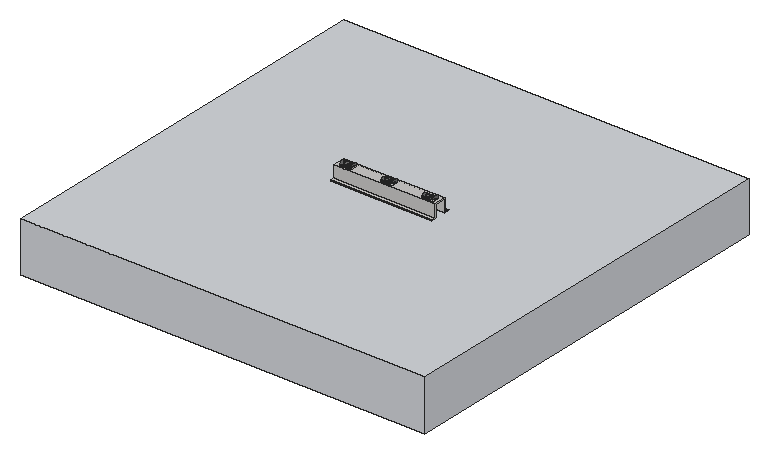
Revit family
Parameters (values of type "B-223 X 24")
  Number of Holders = 3
  Length = 2' - 0"
  URL = "http://www.bobrick.com"
  Type Comments = "Satin Finish"
  Number of Holes = 6
  Mounting Hole Spacing = 0' - 8"
  Model = "B-223"
  Manufacturer = "Bobrick Washroom Equipment, Inc."
  Hole Instances = Number of Holes / 2  # 3
  Holder Spacing = 0' - 9 3/4"
  Finish Material = Stainless Steel-Bobrick-Satin
  Description = "Stainless Steel Mop and Broom Holder"
  Default Elevation = 6' - 0"
  Assembly Code = "C1030200"
Types (3): name | Number of Holders | Length | Mounting Hole Spacing | Holder Spacing
  (no name) | 3 | 2' - 0" | 0' - 8" | 0' - 9 3/4"
  B-223 X 24 | 3 | 2' - 0" | 0' - 8" | 0' - 9 3/4"
  B-223 x 36 | 4 | 3' - 0" | 1' - 2" | 0' - 10 1/2"
Reference planes (in)
  plane 1 "Center (Front/Back)": y = 1.53259
  plane 2: z = 0
  plane 3 "Center (Left/Right)": x = 0
  plane 4: y = 4.03259
  plane 5: y = -0.96741
  plane 6: x = -12
  plane 7: x = 12
  plane 8: x = -8
  plane 9: x = -9.75
  plane 10: z = 3
  plane 11: y = 0.03259
  plane 12: y = 3.03259
  plane 13: z = 0.125
  plane 14: z = 2.875
  plane 15: y = 2.90759
  plane 16: y = 0.15759
  plane 17: y = 3.53259
  plane 18: y = -0.46741
  plane 19: x = 0
  plane 20: x = 0
  plane 21: x = 0
  plane 22: x = -8
  plane 23: x = -14
  plane 24: y = 1.53259
  plane 25: y = 1.53259
  plane 26: x = 0
  plane 27: y = 1.53259
  plane 28: x = 8
  plane 29: y = 1.53259
Forms (in)
  Extrusion 1, solid
    sketch origin (0, 0, 0) x (1, 0, 0) y (0, 1, 0)
      loop
        line (-48, 48) -> (-48, -48) -> (48, -48) -> (48, 48) -> (-48, 48)
    from 0 to -12
  Extrusion 2, solid, material "Stainless Steel-Bobrick-Satin" <- "Finish Material"
    sketch origin (0, 0, 0) x (0, 1, 0) y (0, 0, 1)
      loop
        line (4.03259, 0.125) -> (3.03259, 0.125) -> (3.03259, 3) -> (0.03259, 3) -> (0.03259, 0.125) -> (-0.96741, 0.125) -> (-0.96741, 0) -> (0.15759, 0) -> (0.15759, 2.875) -> (2.90759, 2.875) -> (2.90759, 0) -> (4.03259, 0) -> (4.03259, 0.125)
    from -12 to 12
Lines and regions (in)
  Masking region 1
    outline origin (0, 0, 0) x (1, 0, 0) y (0, 1, 0)
      loop
        line (-12, 4.03259) -> (-12, -0.96741) -> (12, -0.96741) -> (12, 4.03259) -> (-12, 4.03259)
  Masking region 2
    outline origin (6, 0, 0) x (1, 0, 0) y (0, 1, 0)
      loop
        line (-14.40625, 1.9603) -> (-16.84375, 1.9603) -> (-16.84375, 0.5228) -> (-14.40625, 0.5228) -> (-14.40625, 1.9603)
  Masking region 3
    outline origin (15.75, 0, 0) x (1, 0, 0) y (0, 1, 0)
      loop
        line (-14.40625, 1.9603) -> (-16.84375, 1.9603) -> (-16.84375, 0.5228) -> (-14.40625, 0.5228) -> (-14.40625, 1.9603)
  Masking region 4
    outline origin (25.5, 0, 0) x (1, 0, 0) y (0, 1, 0)
      loop
        line (-14.40625, 1.9603) -> (-16.84375, 1.9603) -> (-16.84375, 0.5228) -> (-14.40625, 0.5228) -> (-14.40625, 1.9603)
  Masking region 5
    outline origin (0, 1.53259, 0) x (1, 0, 0) y (0, 0, 1)
      loop
        line (12, 0) -> (12, 3) -> (-12, 3) -> (-12, 0) -> (12, 0)
  Masking region 6
    outline origin (0, 0, 0) x (0, 1, 0) y (0, 0, 1)
      loop
        line (4.03259, 0) -> (4.03259, 0.125) -> (3.03259, 0.125) -> (3.03259, 3) -> (1.9603, 3) -> (1.9603, 3.75) -> (0.5228, 3.75) -> (0.5228, 3) -> (0.03259, 3) -> (0.03259, 0.125) -> (-0.96741, 0.125) -> (-0.96741, 0) -> (0.15759, 0) -> (0.15759, 2.875) -> (2.90759, 2.875) -> (2.90759, 0) -> (4.03259, 0)
  model lines
    curve 1: circle (-8, 3.53259, 0.125) r 0.125 normal (0, 0, 1)
    curve 2: circle (-8, -0.46741, 0.125) r 0.125 normal (0, 0, 1)
    curve 5: circle (0, 3.53259, 0.125) r 0.125 normal (0, 0, 1)
    curve 6: circle (0, -0.46741, 0.125) r 0.125 normal (0, 0, 1)
    curve 7: circle (8, 3.53259, 0.125) r 0.125 normal (0, 0, 1)
    curve 8: circle (8, -0.46741, 0.125) r 0.125 normal (0, 0, 1)
  model lines, not visible
    curve 3: circle (-14, 3.53259, 0.125) r 0.125 normal (0, 0, 1)
    curve 4: circle (-14, -0.46741, 0.125) r 0.125 normal (0, 0, 1)
  symbolic lines
    curve 9: line (12, 3.03259, 0) -> (-12, 3.03259, 0)
    curve 10: line (-12, 0.03259, 0) -> (12, 0.03259, 0)
    curve 11: line (0, 1.9603, 3) -> (0, 0.5228, 3)
Dimensions and locks (in)
  equal spacing: plane 4, plane 1 "Center (Front/Back)", plane 5
  equal spacing: plane 6, plane 3 "Center (Left/Right)", plane 7
  "Length": plane 6 to plane 7
  plane 6 to plane 9 = 0' - 2 1/4"
  locked: plane 13 to level at 0.125
  locked: plane 4 to plane 12 at 1
  locked: plane 11 to plane 5 at 1
  locked: plane 12 to plane 15 at 0.125
  locked: plane 16 to plane 11 at 0.125
  locked: plane 10 to plane 14 at 0.125
  locked: plane 10 to level at 3
  equal spacing: plane 11, plane 18, plane 5
  equal spacing: plane 4, plane 17, plane 12
  "Mounting Hole Spacing": plane 8 to plane 19
  "Holder Spacing": plane 9 to plane 20
  locked: plane 6 to plane 22 at 4
  equal spacing: group 1, group 3, group 4  (x3)
  locked: plane 6 to plane 8 at 4
  equal spacing: group 5, group 6, group 7  (x3)
  equal spacing: group 8, group 9, group 10  (x3)
  Masking region 2 to plane 9 to Masking region 2 = 0' - 1 3/32" locked, 0' - 1 11/32" locked
  Masking region 2 to plane 1 "Center (Front/Back)" to Masking region 2 = 0' - 1.0098" locked, 0' - 0.4277" locked
  Masking region 3 to plane 20 to Masking region 3 = 0' - 1 3/32" locked, 0' - 1 11/32" locked
  Masking region 3 to plane 1 "Center (Front/Back)" to Masking region 3 = 0' - 1.0098" locked, 0' - 0.4277" locked
  locked: plane 4 to plane 5 at 5
  aligned and locked: plane 2 to Extrusion 1
  aligned and locked: level to Extrusion 1
  aligned and locked: plane 9 to nested 1
  aligned and locked: plane 1 "Center (Front/Back)" to nested 1
  aligned and locked: plane 13 to Extrusion 2 sketch curve  (x2)
  aligned and locked: level to Extrusion 2 sketch curve  (x2)
  aligned and locked: plane 4 to Extrusion 2 sketch curve
  aligned and locked: plane 12 to Extrusion 2 sketch curve
  aligned and locked: plane 15 to Extrusion 2 sketch curve
  aligned and locked: plane 10 to Extrusion 2 sketch curve
  aligned and locked: plane 14 to Extrusion 2 sketch curve
  aligned and locked: plane 16 to Extrusion 2 sketch curve
  aligned and locked: plane 11 to Extrusion 2 sketch curve
  aligned and locked: plane 5 to Extrusion 2 sketch curve
  aligned and locked: nested 1 to plane 10
  aligned and locked: Extrusion 2 to plane 6
  aligned and locked: plane 7 to Extrusion 2
  aligned and locked: plane 1 "Center (Front/Back)" to plane 24
  aligned and locked: plane 19 to plane 26
  aligned and locked: plane 1 "Center (Front/Back)" to plane 27
  aligned and locked: plane 8 to plane 22
  aligned and locked: plane 20 to nested 2
  aligned and locked: plane 1 "Center (Front/Back)" to nested 2
  aligned and locked: Masking region 1 sketch curve to plane 4
  aligned and locked: Masking region 1 sketch curve to plane 5
  aligned and locked: Masking region 1 sketch curve to plane 6
  aligned and locked: Masking region 1 sketch curve to plane 7
  aligned and locked: curve 9 to Extrusion 2
  aligned and locked: curve 10 to Extrusion 2
  aligned and locked: plane 7 to Masking region 5 sketch curve
  aligned and locked: plane 10 to Masking region 5 sketch curve
  aligned and locked: plane 6 to Masking region 5 sketch curve
  aligned and locked: level to Masking region 5 sketch curve
  aligned and locked: plane 4 to Masking region 6 sketch curve
  aligned and locked: plane 12 to Masking region 6 sketch curve
  aligned and locked: plane 10 to Masking region 6 sketch curve
  aligned and locked: plane 14 to Masking region 6 sketch curve
  aligned and locked: plane 15 to Masking region 6 sketch curve
  aligned and locked: plane 16 to Masking region 6 sketch curve
  aligned and locked: plane 11 to Masking region 6 sketch curve
  aligned and locked: plane 5 to Masking region 6 sketch curve
  aligned and locked: plane 13 to Masking region 6 sketch curve  (x2)
  aligned and locked: level to Masking region 6 sketch curve  (x2)
  aligned and locked: Masking region 6 sketch curve to nested 2
  aligned and locked: Masking region 6 sketch curve to nested 1  (x2)
  aligned and locked: Masking region 6 to curve 11
  aligned and locked: nested 1 to curve 11
  aligned and locked: nested 2 to plane 10
Automatic sketch dimensions
  Extrusion 1 sketch curve to Extrusion 1 sketch curve = 8' - 0"  (x2)
  Masking region 2 sketch curve to Masking region 2 sketch curve = 0' - 2 7/16"
  Masking region 2 sketch curve to Masking region 2 sketch curve = 0' - 1 7/16"
  Masking region 3 sketch curve to Masking region 3 sketch curve = 0' - 2 7/16"
  Masking region 3 sketch curve to Masking region 3 sketch curve = 0' - 1 7/16"
  Masking region 4 sketch curve to Masking region 4 sketch curve = 0' - 2 7/16"
  Masking region 4 sketch curve to Masking region 4 sketch curve = 0' - 1 7/16"
  curve 9 to plane 6 = 0' - 0"
  curve 10 to plane 6 = 0' - 0"
  curve 10 to plane 7 = 0' - 0"
  curve 9 to plane 7 = 0' - 0"
  plane 11 to curve 10 = 0' - 0"
  plane 12 to curve 9 = 0' - 0"
  Masking region 6 sketch curve to plane 10 = 0' - 0"
  curve 11 to plane 10 = 0' - 0"
  radius of curve 1 = 0' - 0 1/8"
  radius of curve 3 = 0' - 0 1/8"
  radius of curve 5 = 0' - 0 1/8"
  radius of curve 7 = 0' - 0 1/8"
  radius of curve 2 = 0' - 0 1/8"
  radius of curve 4 = 0' - 0 1/8"
  radius of curve 6 = 0' - 0 1/8"
  radius of curve 8 = 0' - 0 1/8"
Nested families (in)
  nested 1: "Utility_Shelf-Bobrick-Mop_Broom_Holder" at (-9.75, 1.53259, 3.45895), type "Utility_Shelf-Bobrick-Mop_Broom_Holder"
  nested 2: "Utility_Shelf-Bobrick-Mop_Broom_Holder" at (0, 1.53259, 3.45895), type "Utility_Shelf-Bobrick-Mop_Broom_Holder"
  nested 3: "Utility_Shelf-Bobrick-Mop_Broom_Holder" at (9.75, 1.53259, 3.45895), type "Utility_Shelf-Bobrick-Mop_Broom_Holder"
Definition of nested family "Utility_Shelf-Bobrick-Mop_Broom_Holder"
  Parameters (values of type "Utility_Shelf-Bobrick-Mop_Broom_Holder")
    Finish Material = Stainless Steel-Bobrick-Satin
  Reference planes (in)
    plane 1 "Center (Front/Back)": y = 0
    plane 2: z = 0
    plane 3 "Center (Left/Right)": x = 0
    plane 4: x = 1.34375
    plane 5: x = -1.34375
    plane 6: z = 0.71875
    plane 7: z = -0.71875
    plane 8: x = -1.09375
    plane 9: x = 1.21875
    plane 10: y = -0.0625
    plane 11: y = -0.8125
    plane 12: x = -1.21875
  Forms (in)
    Extrusion 1, solid, material "Stainless Steel-Bobrick-Satin" <- "Finish Material"
      sketch origin (0, -0.29105, -0.45895) x (1, 0, 0) y (0, 1, 0)
        loop
          line (1.34375, 0.71875) -> (-1.09375, 0.71875) -> (-1.09375, -0.71875) -> (1.34375, -0.71875) -> (1.34375, 0.71875)
        loop
          line (0.73745, 0.53439) -> (0.70873, 0.42831) -> (0.73745, 0.32231) -> (0.8129, 0.24692) -> (0.91902, 0.2182) -> (1.02502, 0.24692) -> (1.10043, 0.32231) -> (1.12913, 0.42831) -> (1.10043, 0.53439) -> (1.02502, 0.60975) -> (0.91902, 0.63842) -> (0.8129, 0.60975) -> (0.73745, 0.53439)
        loop
          line (-0.06257, 0.60975) -> (-0.16856, 0.63842) -> (-0.27468, 0.60975) -> (-0.35014, 0.53439) -> (-0.37885, 0.42831) -> (-0.35014, 0.32231) -> (-0.27468, 0.24692) -> (-0.16856, 0.2182) -> (-0.06257, 0.24692) -> (0.01284, 0.32231) -> (0.04154, 0.42831) -> (0.01284, 0.53439) -> (-0.06257, 0.60975)
      from 0 to 0.0625
    Extrusion 2, solid, material "Rubber-Bobrick"
      sketch origin (0, -0.29105, -0.45895) x (0, 0, 1) y (0, -1, 0)
        loop
          line (0, -0.71875) -> (0.75, -0.71875) -> (0.75, 0.71875) -> (0.5, 0.71875) -> (0.5, -0.46875) -> (0, -0.46875) -> (0, -0.71875)
      from 1.21875 to 1.34375
    Extrusion 3, solid, material "Rubber-Bobrick"
      sketch origin (0.15051, -0.29105, 0.05229) x (0.422618, 0, -0.906308) y (0, 1, 0)
        loop
          line (-0.68193, 0.29819) -> (-0.68193, -0.29819) -> (-0.38745, -0.71875) -> (-0.23755, -0.71875) -> (-0.0625, -0.46875) -> (-0.0625, 0.46875) -> (-0.23755, 0.71875) -> (-0.38745, 0.71875) -> (-0.68193, 0.29819)
      from -1.34375 to -1.22907
    Extrusion 4, solid, material "Rubber-Bobrick"
      sketch origin (0, 0.4277, 0.29105) x (0, -1, 0) y (1, 0, 0)
        loop
          line (0.72262, 1.03379) -> (0.63752, 0.93047) -> (0.56444, 0.79712) -> (0.53341, 0.71624) -> (0.52289, 0.56396) -> (0.51989, 0.29758) -> (0.56724, 0.12187) -> (0.68101, 0.01963) -> (0.74375, -0.08866) -> (0.76299, -0.20907) -> (0.70173, -0.32511) -> (0.58795, -0.39912) -> (0.52669, -0.42511) -> (0.58069, -0.67514) -> (0.66848, -0.64125) -> (0.65508, -0.54006) -> (0.75626, -0.5129) -> (0.82381, -0.61427) -> (0.91163, -0.5873) -> (0.89134, -0.48593) -> (0.99256, -0.45222) -> (1.06011, -0.53317) -> (1.14789, -0.48593) -> (1.10065, -0.37784) -> (1.20189, -0.3103) -> (1.30326, -0.405) -> (1.5341, -0.15501) -> (1.65084, 0.12644) -> (1.66105, 0.34492) -> (1.499, 0.36504) -> (1.49129, 0.40557) -> (1.4909, 0.48653) -> (1.53782, 0.49124) -> (1.62237, 0.50634) -> (1.66791, 0.53393) -> (1.61763, 0.76557) -> (1.50882, 1.05425) -> (1.4375, 1.21875) -> (1.26111, 1.21875) -> (1.20971, 1.16734) -> (0.91737, 1.10285) -> (0.72262, 1.03379)
        loop
          line (0.81163, 0.79154) -> (0.78033, 0.67586) -> (0.81163, 0.56011) -> (0.89388, 0.47788) -> (1.00958, 0.44661) -> (1.1252, 0.47788) -> (1.20738, 0.56011) -> (1.23865, 0.67586) -> (1.20738, 0.79154) -> (1.1252, 0.8738) -> (1.00958, 0.90512) -> (0.89388, 0.8738) -> (0.81163, 0.79154)
      from -0.25 to 0
    Extrusion 5, solid, material "Stainless Steel-Bobrick-Satin" <- "Finish Material"
      sketch origin (0, -0.29105, -0.39645) x (1, 0, 0) y (0, 1, 0)
        loop
          line (0.01284, 0.53439) -> (-0.06257, 0.60975) -> (-0.16856, 0.63842) -> (-0.27468, 0.60975) -> (-0.35014, 0.53439) -> (-0.37885, 0.42831) -> (-0.35014, 0.32231) -> (-0.27468, 0.24692) -> (-0.16856, 0.2182) -> (-0.06257, 0.24692) -> (0.01284, 0.32231) -> (0.04154, 0.42831) -> (0.01284, 0.53439)
        loop
          line (0.8129, 0.60975) -> (0.73745, 0.53439) -> (0.70873, 0.42831) -> (0.73745, 0.32231) -> (0.8129, 0.24692) -> (0.91902, 0.2182) -> (1.02502, 0.24692) -> (1.10043, 0.32231) -> (1.12913, 0.42831) -> (1.10043, 0.53439) -> (1.02502, 0.60975) -> (0.91902, 0.63842) -> (0.8129, 0.60975)
        loop
          line (-0.11476, 0.46614) -> (-0.11611, 0.50065) -> (-0.12662, 0.57215) -> (-0.15516, 0.61066) -> (-0.18843, 0.57215) -> (-0.20069, 0.50065) -> (-0.20244, 0.46215) -> (-0.23894, 0.46516) -> (-0.30545, 0.45916) -> (-0.33747, 0.42164) -> (-0.303, 0.38407) -> (-0.25939, 0.37948) -> (-0.21598, 0.38108) -> (-0.2077, 0.35131) -> (-0.18591, 0.29603) -> (-0.15516, 0.26627) -> (-0.13136, 0.29429) -> (-0.12133, 0.37436) -> (-0.0883, 0.37586) -> (-0.02827, 0.38638) -> (0.00016, 0.41492) -> (-0.03257, 0.44511) -> (-0.11476, 0.46614)
        loop
          line (0.97282, 0.46614) -> (0.97147, 0.50065) -> (0.96096, 0.57215) -> (0.93242, 0.61066) -> (0.89915, 0.57215) -> (0.88689, 0.50065) -> (0.88514, 0.46215) -> (0.84864, 0.46516) -> (0.78214, 0.45916) -> (0.75011, 0.42164) -> (0.78733, 0.38108) -> (0.8716, 0.38108) -> (0.87989, 0.35131) -> (0.90167, 0.29603) -> (0.93242, 0.26627) -> (0.95623, 0.29429) -> (0.96465, 0.37429) -> (0.99928, 0.37586) -> (1.05931, 0.38638) -> (1.08775, 0.41492) -> (1.05502, 0.44511) -> (0.97282, 0.46614)
      from -0.0625 to 0
  Cuts and joins
    joined: Extrusion 2, Extrusion 3
  Dimensions and locks (in)
    equal spacing: plane 6, level, plane 7
    locked: plane 6 to plane 7 at 1.4375
    equal spacing: plane 4, plane 3 "Center (Left/Right)", plane 5
    locked: plane 4 to plane 5 at 2.6875
    locked: plane 8 to plane 5 at 0.25
    locked: plane 4 to plane 9 at 0.125
    locked: plane 1 "Center (Front/Back)" to plane 10 at 0.0625
    plane 1 "Center (Front/Back)" to plane 11 = 0' - 0 13/16"
    locked: Extrusion 2 sketch curve to Extrusion 2 sketch curve at 0.25  (x2)
    aligned and locked: plane 2 to level
    aligned: Extrusion 1 to plane 1 "Center (Front/Back)"
    aligned: Extrusion 1 to plane 10
    aligned: plane 10 to Extrusion 2
    aligned and locked: cut or joined group of Extrusion 2, Extrusion 3 to Extrusion 4
    aligned: Extrusion 4 to plane 11
    aligned: Extrusion 5 to plane 1 "Center (Front/Back)"
    aligned: Extrusion 5 to plane 10
  Automatic sketch dimensions
    Extrusion 1 sketch curve to plane 8 = 0' - 0"
    Extrusion 1 sketch curve to plane 4 = 0' - 0"
    Extrusion 1 sketch curve to plane 1 "Center (Front/Back)" = 0' - 0.13726"  (x2)
    Extrusion 1 sketch curve to plane 3 "Center (Left/Right)" = 0' - 0.37885"
    Extrusion 1 sketch curve to plane 1 "Center (Front/Back)" = 0' - 0 1/32"  (x4)
    Extrusion 1 sketch curve to Extrusion 1 sketch curve = 0' - 0.02871"  (x4)
    plane 10 to Extrusion 1 sketch curve = 0' - 0.01837"  (x4)
    Extrusion 1 sketch curve to Extrusion 1 sketch curve = 0' - 0.07545"  (x4)
    Extrusion 1 sketch curve to Extrusion 1 sketch curve = 0' - 0.10612"  (x4)
    Extrusion 1 sketch curve to plane 10 = 0' - 0.01034"  (x2)
    Extrusion 1 sketch curve to plane 3 "Center (Left/Right)" = 0' - 0.06257"  (x2)
    plane 3 "Center (Left/Right)" to Extrusion 1 sketch curve = 0' - 0.01284"  (x2)
    plane 3 "Center (Left/Right)" to Extrusion 1 sketch curve = 0' - 0.04154"
    Extrusion 1 sketch curve to plane 9 = 0' - 0.51002"
    Extrusion 1 sketch curve to Extrusion 1 sketch curve = 0' - 0.10599"  (x4)
    Extrusion 1 sketch curve to Extrusion 1 sketch curve = 0' - 0.07541"  (x2)
    Extrusion 1 sketch curve to plane 9 = 0' - 0.08962"
    Extrusion 1 sketch curve to plane 11 = 0' - 0.1973"
    Extrusion 1 sketch curve to Extrusion 1 sketch curve = 0' - 0.10609"  (x4)
    Extrusion 1 sketch curve to Extrusion 1 sketch curve = 0' - 0.07536"  (x4)
    Extrusion 1 sketch curve to Extrusion 1 sketch curve = 0' - 0.02867"  (x2)
    Extrusion 1 sketch curve to plane 1 "Center (Front/Back)" = 0' - 0.4277"
    Extrusion 2 sketch curve to plane 7 = 0' - 0.2598"
    Extrusion 2 sketch curve to level = 0' - 0.04105"
    plane 11 to Extrusion 2 sketch curve = 0' - 0.1973"
    plane 1 "Center (Front/Back)" to Extrusion 2 sketch curve = 0' - 0.1777"
    Extrusion 3 sketch curve to plane 1 "Center (Front/Back)" = 0' - 0.00715"
    Extrusion 3 sketch curve to Extrusion 3 sketch curve = 0' - 0.29448"  (x2)
    Extrusion 3 sketch curve to plane 11 = 0' - 0.1973"
    Extrusion 3 sketch curve to plane 1 "Center (Front/Back)" = 0' - 0.4277"
    Extrusion 3 sketch curve to Extrusion 3 sketch curve = 0' - 0.1499"  (x2)
    Extrusion 3 sketch curve to plane 1 "Center (Front/Back)" = 0' - 0.1777"
    Extrusion 3 sketch curve to Extrusion 3 sketch curve = 0' - 0.17505"
    plane 11 to Extrusion 3 sketch curve = 0' - 0.0527"
    plane 11 to Extrusion 3 sketch curve = 0' - 0.22326"
    Extrusion 4 sketch curve to Extrusion 2 = 0' - 0"  (x2)
    Extrusion 2 to Extrusion 4 sketch curve = 0' - 0.13424"
    Extrusion 4 sketch curve to Extrusion 4 sketch curve = 0' - 0.17639"
    Extrusion 2 to Extrusion 4 sketch curve = 0' - 0.19885"
    Extrusion 4 sketch curve to Extrusion 2 = 0' - 0.05141"
    Extrusion 4 sketch curve to Extrusion 4 sketch curve = 0' - 0.05141"
    Extrusion 4 sketch curve to Extrusion 4 sketch curve = 0' - 0 1/32"  (x3)
    Extrusion 4 sketch curve to Extrusion 4 sketch curve = 0' - 0.10137"  (x2)
    Extrusion 4 sketch curve to Extrusion 4 sketch curve = 0' - 0.15537"
    Extrusion 4 sketch curve to Extrusion 4 sketch curve = 0' - 0.08218"  (x2)
    Extrusion 4 sketch curve to Extrusion 4 sketch curve = 0' - 0.04723"  (x2)
    Extrusion 4 sketch curve to Extrusion 4 sketch curve = 0' - 0.08778"  (x2)
    Extrusion 4 sketch curve to Extrusion 4 sketch curve = 0' - 0.11562"  (x2)
    Extrusion 4 sketch curve to Extrusion 4 sketch curve = 0' - 0.06754"  (x3)
    Extrusion 4 sketch curve to Extrusion 2 = 0' - 0.1159"
    Extrusion 4 sketch curve to Extrusion 4 sketch curve = 0' - 0.09221"
    Extrusion 4 sketch curve to Extrusion 4 sketch curve = 0' - 0.08093"
    Extrusion 4 sketch curve to Extrusion 4 sketch curve = 0' - 0.1157"  (x2)
    Extrusion 4 sketch curve to Extrusion 4 sketch curve = 0' - 0.0203"
    Extrusion 4 sketch curve to Extrusion 4 sketch curve = 0' - 0.08783"
    Extrusion 4 sketch curve to Extrusion 4 sketch curve = 0' - 0.08225"  (x2)
    Extrusion 4 sketch curve to Extrusion 4 sketch curve = 0' - 0.0313"
    Extrusion 4 sketch curve to Extrusion 4 sketch curve = 0' - 0.12835"
    Extrusion 4 sketch curve to Extrusion 4 sketch curve = 0' - 0.01924"
    Extrusion 4 sketch curve to Extrusion 2 = 0' - 0.18496"
    Extrusion 4 sketch curve to Extrusion 4 sketch curve = 0' - 0.19475"
    Extrusion 4 sketch curve to Extrusion 4 sketch curve = 0' - 0.06126"
    Extrusion 4 sketch curve to Extrusion 4 sketch curve = 0' - 0.06274"
    Extrusion 4 sketch curve to Extrusion 4 sketch curve = 0' - 0.0134"
    Extrusion 4 sketch curve to Extrusion 2 = 0' - 0.28828"
    Extrusion 4 sketch curve to Extrusion 4 sketch curve = 0' - 0.0851"
    Extrusion 4 sketch curve to Extrusion 4 sketch curve = 0' - 0.11378"
    Extrusion 4 sketch curve to Extrusion 4 sketch curve = 0' - 0.08779"
    Extrusion 4 sketch curve to Extrusion 4 sketch curve = 0' - 0.11376"
    Extrusion 4 sketch curve to Extrusion 4 sketch curve = 0' - 0.07308"
    Extrusion 4 sketch curve to Extrusion 4 sketch curve = 0' - 0.03103"
    Extrusion 4 sketch curve to Extrusion 4 sketch curve = 0' - 0.06127"
    Extrusion 4 sketch curve to Extrusion 4 sketch curve = 0' - 0.01051"
    Extrusion 4 sketch curve to Extrusion 4 sketch curve = 0' - 0.04735"
    Extrusion 4 sketch curve to Extrusion 2 = 0' - 0.0534"
    Extrusion 4 sketch curve to Extrusion 2 = 0' - 0.05379"
    Extrusion 4 sketch curve to Extrusion 4 sketch curve = 0' - 0.00771"
    Extrusion 4 sketch curve to Extrusion 2 = 0' - 0.07132"
    Extrusion 4 sketch curve to Extrusion 2 = 0' - 0.0966"
    Extrusion 4 sketch curve to Extrusion 4 sketch curve = 0' - 0.04692"
    Extrusion 4 sketch curve to Extrusion 2 = 0' - 0.18013"
    Extrusion 4 sketch curve to Extrusion 4 sketch curve = 0' - 0.08456"
    Extrusion 4 sketch curve to Extrusion 2 = 0' - 0.21334"
    Extrusion 4 sketch curve to Extrusion 4 sketch curve = 0' - 0.16205"
    Extrusion 4 sketch curve to Extrusion 4 sketch curve = 0' - 0.04554"
    Extrusion 4 sketch curve to Extrusion 4 sketch curve = 0' - 0.19773"
    Extrusion 4 sketch curve to Extrusion 4 sketch curve = 0' - 0.03132"  (x2)
    Extrusion 4 sketch curve to Extrusion 4 sketch curve = 0' - 0.13334"
    Extrusion 4 sketch curve to Extrusion 4 sketch curve = 0' - 0.08226"  (x2)
    Extrusion 4 sketch curve to Extrusion 4 sketch curve = 0' - 0.02597"
    Extrusion 4 sketch curve to Extrusion 4 sketch curve = 0' - 0.08088"
    Extrusion 4 sketch curve to Extrusion 4 sketch curve = 0' - 0.11568"  (x2)
    Extrusion 4 sketch curve to Extrusion 4 sketch curve = 0' - 0.15229"
    Extrusion 4 sketch curve to Extrusion 4 sketch curve = 0' - 0.11575"  (x2)
    Extrusion 4 sketch curve to Extrusion 4 sketch curve = 0' - 0.23164"
    Extrusion 4 sketch curve to Extrusion 4 sketch curve = 0' - 0.0276"
    Extrusion 4 sketch curve to Extrusion 4 sketch curve = 0' - 0.01509"
    Extrusion 4 sketch curve to Extrusion 4 sketch curve = 0' - 0.00472"
    Extrusion 4 sketch curve to Extrusion 4 sketch curve = 0' - 0.08222"  (x2)
    Extrusion 4 sketch curve to Extrusion 4 sketch curve = 0' - 0.08096"
    Extrusion 4 sketch curve to Extrusion 4 sketch curve = 0' - 0.04054"
    Extrusion 4 sketch curve to Extrusion 4 sketch curve = 0' - 0.02012"
    Extrusion 4 sketch curve to Extrusion 4 sketch curve = 0' - 0.26638"
    Extrusion 4 sketch curve to Extrusion 4 sketch curve = 0' - 0.21848"
    Extrusion 4 sketch curve to Extrusion 4 sketch curve = 0' - 0.1757"
    Extrusion 4 sketch curve to Extrusion 4 sketch curve = 0' - 0.10224"
    Extrusion 4 sketch curve to Extrusion 4 sketch curve = 0' - 0.10829"
    Extrusion 4 sketch curve to Extrusion 4 sketch curve = 0' - 0.28145"
    Extrusion 4 sketch curve to Extrusion 4 sketch curve = 0' - 0.12042"
    Extrusion 4 sketch curve to Extrusion 4 sketch curve = 0' - 0.15529"
    Extrusion 4 sketch curve to Extrusion 4 sketch curve = 0' - 0.11604"
    Extrusion 4 sketch curve to Extrusion 4 sketch curve = 0' - 0.07401"
    Extrusion 4 sketch curve to Extrusion 4 sketch curve = 0' - 0.0947"
    Extrusion 4 sketch curve to Extrusion 4 sketch curve = 0' - 0.026"
    Extrusion 4 sketch curve to Extrusion 4 sketch curve = 0' - 0.07438"
    Extrusion 4 sketch curve to Extrusion 4 sketch curve = 0' - 0.03371"
    Extrusion 4 sketch curve to Extrusion 4 sketch curve = 0' - 0.10809"
    Extrusion 4 sketch curve to Extrusion 4 sketch curve = 0' - 0.02697"  (x2)
    Extrusion 4 sketch curve to Extrusion 4 sketch curve = 0' - 0.02716"
    Extrusion 4 sketch curve to Extrusion 4 sketch curve = 0' - 0.10119"
    Extrusion 4 sketch curve to Extrusion 4 sketch curve = 0' - 0.03388"
    Extrusion 4 sketch curve to Extrusion 2 = 0' - 0.1645"
    Extrusion 5 sketch curve to Extrusion 1 = 0' - 0"  (x36)
    Extrusion 1 to Extrusion 5 sketch curve = 0' - 0"  (x12)
    Extrusion 5 sketch curve to Extrusion 1 = 0' - 0.29711"
    Extrusion 5 sketch curve to Extrusion 5 sketch curve = 0' - 0.04138"  (x2)
    Extrusion 5 sketch curve to Extrusion 1 = 0' - 0.25959"  (x2)
    Extrusion 5 sketch curve to Extrusion 5 sketch curve = 0' - 0.03202"  (x2)
    Extrusion 5 sketch curve to Extrusion 1 = 0' - 0.33468"
    Extrusion 5 sketch curve to Extrusion 5 sketch curve = 0' - 0.03447"
    Extrusion 5 sketch curve to Extrusion 1 = 0' - 0.33927"
    Extrusion 5 sketch curve to Extrusion 5 sketch curve = 0' - 0.04361"
    Extrusion 5 sketch curve to Extrusion 1 = 0' - 0.25359"
    Extrusion 5 sketch curve to Extrusion 5 sketch curve = 0' - 0.06651"  (x2)
    Extrusion 5 sketch curve to Extrusion 1 = 0' - 0.33767"
    Extrusion 5 sketch curve to Extrusion 5 sketch curve = 0' - 0.04341"
    Extrusion 5 sketch curve to Extrusion 1 = 0' - 0.36744"
    Extrusion 5 sketch curve to Extrusion 5 sketch curve = 0' - 0.00829"  (x2)
    Extrusion 5 sketch curve to Extrusion 1 = 0' - 0.2566"
    Extrusion 5 sketch curve to Extrusion 5 sketch curve = 0' - 0.0365"  (x2)
    Extrusion 5 sketch curve to Extrusion 1 = 0' - 0.2181"  (x3)
    Extrusion 5 sketch curve to Extrusion 5 sketch curve = 0' - 0.00175"  (x2)
    Extrusion 5 sketch curve to Extrusion 1 = 0' - 0.1466"  (x4)
    Extrusion 5 sketch curve to Extrusion 5 sketch curve = 0' - 0.01987"  (x2)
    Extrusion 5 sketch curve to Extrusion 1 = 0' - 0.42272"
    Extrusion 5 sketch curve to Extrusion 5 sketch curve = 0' - 0.02178"  (x2)
    Extrusion 5 sketch curve to Extrusion 1 = 0' - 0.10809"  (x2)
    Extrusion 5 sketch curve to Extrusion 5 sketch curve = 0' - 0.0134"  (x2)
    Extrusion 5 sketch curve to Extrusion 1 = 0' - 0.45248"
    Extrusion 5 sketch curve to Extrusion 5 sketch curve = 0' - 0.03075"  (x2)
    Extrusion 5 sketch curve to Extrusion 1 = 0' - 0.42446"
    Extrusion 5 sketch curve to Extrusion 5 sketch curve = 0' - 0.02381"  (x2)
    Extrusion 5 sketch curve to Extrusion 5 sketch curve = 0' - 0.02854"  (x3)
    Extrusion 5 sketch curve to Extrusion 1 = 0' - 0.34439"
    Extrusion 5 sketch curve to Extrusion 5 sketch curve = 0' - 0.01003"
    Extrusion 5 sketch curve to Extrusion 5 sketch curve = 0' - 0.01051"  (x2)
    Extrusion 5 sketch curve to Extrusion 1 = 0' - 0.25261"
    Extrusion 5 sketch curve to Extrusion 5 sketch curve = 0' - 0.00135"  (x2)
    Extrusion 5 sketch curve to Extrusion 1 = 0' - 0.34289"
    Extrusion 5 sketch curve to Extrusion 5 sketch curve = 0' - 0.03302"
    Extrusion 5 sketch curve to Extrusion 1 = 0' - 0.27364"
    Extrusion 5 sketch curve to Extrusion 5 sketch curve = 0' - 0.07411"  (x2)
    Extrusion 5 sketch curve to Extrusion 1 = 0' - 0.33237"
    Extrusion 5 sketch curve to Extrusion 5 sketch curve = 0' - 0.0043"  (x2)
    Extrusion 5 sketch curve to Extrusion 1 = 0' - 0.30383"
    Extrusion 5 sketch curve to Extrusion 5 sketch curve = 0' - 0.02843"  (x2)
    Extrusion 5 sketch curve to Extrusion 5 sketch curve = 0' - 0.03722"
    Extrusion 5 sketch curve to Extrusion 5 sketch curve = 0' - 0.08427"
    Extrusion 5 sketch curve to Extrusion 5 sketch curve = 0' - 0.00843"
    Extrusion 5 sketch curve to Extrusion 5 sketch curve = 0' - 0.03463"
    Extrusion 5 sketch curve to Extrusion 5 sketch curve = 0' - 0.04807"
    Extrusion 5 sketch curve to Extrusion 5 sketch curve = 0' - 0.02802"
    Extrusion 5 sketch curve to Extrusion 5 sketch curve = 0' - 0.02976"
    Extrusion 5 sketch curve to Extrusion 5 sketch curve = 0' - 0.05528"
    Extrusion 5 sketch curve to Extrusion 5 sketch curve = 0' - 0.08"
    Extrusion 5 sketch curve to Extrusion 5 sketch curve = 0' - 0.00157"
    Extrusion 5 sketch curve to Extrusion 5 sketch curve = 0' - 0.02977"
    Extrusion 5 sketch curve to Extrusion 5 sketch curve = 0' - 0.01053"
    Extrusion 5 sketch curve to Extrusion 5 sketch curve = 0' - 0.00666"
    Extrusion 5 sketch curve to Extrusion 5 sketch curve = 0' - 0.03019"
    Extrusion 5 sketch curve to Extrusion 5 sketch curve = 0' - 0.0385"
    Extrusion 5 sketch curve to Extrusion 5 sketch curve = 0' - 0.003"
    Extrusion 5 sketch curve to Extrusion 5 sketch curve = 0' - 0.02104"
    Extrusion 5 sketch curve to Extrusion 5 sketch curve = 0' - 0.03451"
